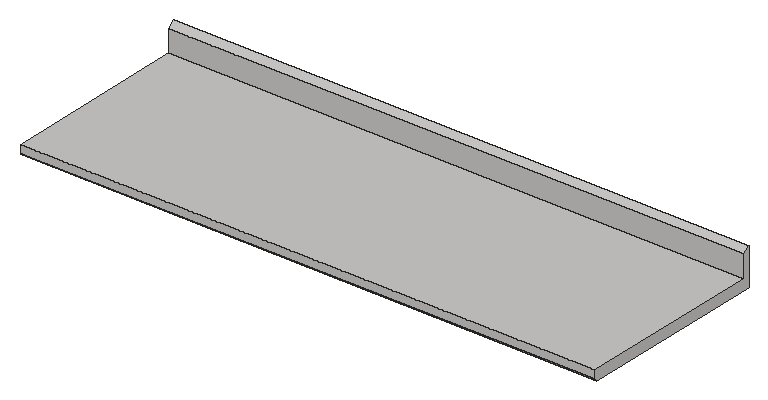
Revit family "QF_ELECTROLUXPROFESSIONAL_121159_TPLA21A", category Attrezzature speciali, Revit 2020
Family settings
  Quota connettore circolare = Usa diametro
  Tipo di parte = Normale
  Basato su piano di lavoro = No
  Sempre verticale = Sì
  Taglio con vuoti quando caricato = No
  Condiviso = No
  Punto di calcolo locali = No
Parameters (values of type "Standard")
  Weight = 68.00 kg
  Watts = 0 W
  Volts = 0 V
  URL Manufacturer = "https://www.electroluxprofessional.com/"
  URL = "https://www.electroluxprofessional.com/"
  Steam Supply Size = 0 mm
  Steam Supply Minimum Pressure = 0.0 Pa
  Steam Supply Maximum Pressure = 0.0 Pa
  Steam Consumption per Hour = 0
  Refrigeration Suction Line Size = 0.0 mm
  Refrigeration Liquid Line Size = 0.0 mm
  Refrigerant Compressor Remote = yes
  Prospetto di default = 0.0 mm
  Phase = 0
  Modello = "TPLA21A"
  Produttore = "Electrolux Professional"
  Length Actual = 2100.0 mm  # constant formula
  Item Number = "121159"
  Hot Water Size = 0 mm
  Height Actual = 140.0 mm  # constant formula
  HP = "0 HP"
  Gas Size = 0 mm
  Gas KW = 0
  Gas Input Pressure = 0 W
  Direct Waste Size = 0 mm
  Descrizione = "WORK TOP WITH UPSTAND 2100MM"
  Depth Actual = 700.0 mm  # constant formula
  Cycle = 0 Hz
  Condensate Return Size = 0 mm
  Compressed Air Volume = 0.0 L/s
  Compressed Air Size = 0 mm
  Compressed Air Pressure = 0.0 Pa
  Cold Water Size = 0 mm
  Accessory = yes
Reference planes
  plane 1 "Center (Front/Back)": y = 0
  plane 2: z = 0
  plane 3 "Center (Left/Right)": x = -550
  plane 4 "LEFT": x = -1600
  plane 5 "RIGHT": x = 500
  plane 6 "BACK": y = 350
  plane 7 "FRONT": y = -350
  plane 8 "TOP": z = 1000
  plane 9: z = 900
  plane 10: z = 860
Forms (mm)
  Extrusion 1, solid, material "QF_Finishes_Stainless Steel"
    sketch origin (-550, 0, 0) x (0, 1, 0) y (0, 0, 1)
      loop
        line (350, 1000) -> (330, 980) -> (330, 900) -> (-350, 900) -> (-350, 870) -> (-340, 860) -> (350, 860) -> (350, 1000)
    from 1050 to -1050
Lines and regions (mm)
  symbolic lines
    curve 1: line (500, 350, 1000) -> (-1600, 350, 1000)
    curve 2: line (-1600, 350, 1000) -> (-1600, -350, 1000)
    curve 3: line (-1600, -350, 1000) -> (500, -350, 1000)
    curve 4: line (500, -350, 1000) -> (500, 350, 1000)
    curve 5: line (-1600, 330, 1000) -> (500, 330, 1000)
Dimensions and locks
  plane 4 "LEFT" to plane 5 "RIGHT" = 2100.0 mm
  equal spacing: plane 4 "LEFT", plane 3 "Center (Left/Right)", plane 5 "RIGHT"
  plane 6 "BACK" to plane 7 "FRONT" = 700.0 mm
  equal spacing: plane 6 "BACK", plane 1 "Center (Front/Back)", plane 7 "FRONT"
  locked: plane 8 "TOP" to plane 9 at 100
  locked: plane 6 "BACK" to Extrusion 1 sketch curve at 20
  plane 10 to level = 860.0 mm
  plane 8 "TOP" to plane 10 = 140.0 mm
  aligned and locked: level to plane 2
  aligned and locked: Extrusion 1 to plane 4 "LEFT"
  aligned and locked: plane 5 "RIGHT" to Extrusion 1
  aligned and locked: curve 2 to plane 4 "LEFT"
  aligned and locked: Extrusion 1 sketch curve to plane 9
  aligned and locked: Extrusion 1 sketch curve to plane 6 "BACK"
  aligned and locked: plane 7 "FRONT" to Extrusion 1 sketch curve
  aligned and locked: plane 10 to Extrusion 1 sketch curve
Automatic sketch dimensions
  curve 3 to plane 7 "FRONT" = 0.0 mm
  curve 4 to plane 5 "RIGHT" = 0.0 mm
  curve 4 to plane 6 "BACK" = 0.0 mm
  curve 5 to plane 6 "BACK" = 20.0 mm
  Extrusion 1 sketch curve to plane 8 "TOP" = 0.0 mm
  Extrusion 1 sketch curve to plane 8 "TOP" = 20.0 mm
  plane 7 "FRONT" to Extrusion 1 sketch curve = 10.0 mm
  level to Extrusion 1 sketch curve = 870.0 mm
